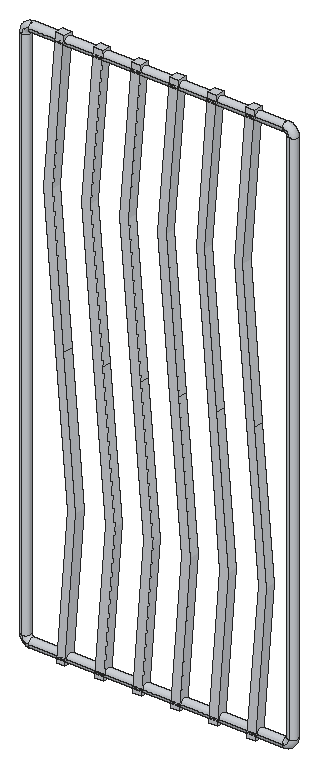
Revit family
Parameters (values of type "Waterfall Grille")
  Door Width = 0' - 8"
  Door Material = none
  Door Height = 1' - 4"
  Assembly Code = ""
Reference planes (in)
  plane 1 "Center (Front/Back)": y = 0
  plane 2: z = 0
  plane 3 "Center (Left/Right)": x = 0
  plane 4: x = -4
  plane 5: x = 4
  plane 6: z = 16
  plane 7: x = -3.75
  plane 8: x = 3.75
  plane 9: z = 15.75
  plane 10: z = 0.25
  plane 11: x = -2.67857
  plane 12: x = -1.60714
  plane 13: x = -0.53571
  plane 14: x = 0.53571
  plane 15: x = 1.60714
  plane 16: x = 2.67857
  plane 17: z = 8
  plane 18: y = 1.36487
  plane 19: y = -1.36487
  plane 20: y = -0.125
Forms (in)
  Sweep 1, solid, material <- "Door Material"
    path origin (0, 0, 0) x (1, 0, 0) y (0, 0, 1)
      loop
        arc (-3.5625, 15.75) -> (-3.69508, 15.69508) -> (-3.75, 15.5625) r 0.1875
        line (-3.75, 15.5625) -> (-3.75, 0.4375)
        arc (-3.75, 0.4375) -> (-3.69508, 0.30492) -> (-3.5625, 0.25) r 0.1875
        line (-3.5625, 0.25) -> (3.5625, 0.25)
        arc (3.5625, 0.25) -> (3.69508, 0.30492) -> (3.75, 0.4375) r 0.1875
        line (3.75, 0.4375) -> (3.75, 15.5625)
        arc (3.75, 15.5625) -> (3.69508, 15.69508) -> (3.5625, 15.75) r 0.1875
        line (3.5625, 15.75) -> (-3.5625, 15.75)
    profile origin (3.75, 0, 8) x (0, -1, 0) y (1, 0, 0)
      loop
        circle (0, 0) r 0.125
  Sweep 2, solid
    path origin (0, 0, 0) x (1, 0, 0) y (0, 0, 1)
      loop
        arc (-2.67857, 16) -> (-3.02407, 11.97142) -> (-2.68837, 7.942) r 24
        arc (-2.68837, 7.942) -> (-2.35267, 3.97141) -> (-2.67857, 0) r 24
        line (-2.67857, 0) -> (-2.67857, -2)
    profile origin (-2.67857, 0, -1) x (0, -1, 0) y (1, 0, 0)
      loop
        line (-0.12532, -0.1225) -> (0.12532, -0.1225) -> (0.12532, 0.1225) -> (-0.12532, 0.1225) -> (-0.12532, -0.1225)
  Extrusion 3, void
    sketch origin (0, 0, 0) x (1, 0, 0) y (0, 0, 1)
      loop
        line (-4, 17) -> (-4, 15.92) -> (4, 15.92) -> (4, 17) -> (-4, 17)
      loop
        line (-4, -2.5) -> (4, -2.5) -> (4, 0.07) -> (-4, 0.07) -> (-4, -2.5)
    from -1.36487 to 1.36487
  Sweep 4, solid
    path origin (1.07143, 0, 0) x (1, 0, 0) y (0, 0, 1)
      loop
        arc (-2.67857, 16) -> (-3.02407, 11.97142) -> (-2.68837, 7.942) r 24
        arc (-2.68837, 7.942) -> (-2.35267, 3.97141) -> (-2.67857, 0) r 24
        line (-2.67857, 0) -> (-2.67857, -2)
    profile origin (-1.60714, 0, -1) x (0, -1, 0) y (1, 0, 0)
      loop
        line (-0.12532, -0.1225) -> (0.12532, -0.1225) -> (0.12532, 0.1225) -> (-0.12532, 0.1225) -> (-0.12532, -0.1225)
  Sweep 5, solid
    path origin (2.14286, 0, 0) x (1, 0, 0) y (0, 0, 1)
      loop
        arc (-2.67857, 16) -> (-3.02407, 11.97142) -> (-2.68837, 7.942) r 24
        arc (-2.68837, 7.942) -> (-2.35267, 3.97141) -> (-2.67857, 0) r 24
        line (-2.67857, 0) -> (-2.67857, -2)
    profile origin (-0.53571, 0, -1) x (0, -1, 0) y (1, 0, 0)
      loop
        line (-0.12532, -0.1225) -> (0.12532, -0.1225) -> (0.12532, 0.1225) -> (-0.12532, 0.1225) -> (-0.12532, -0.1225)
  Sweep 6, solid
    path origin (3.21429, 0, 0) x (1, 0, 0) y (0, 0, 1)
      loop
        arc (-2.67857, 16) -> (-3.02407, 11.97142) -> (-2.68837, 7.942) r 24
        arc (-2.68837, 7.942) -> (-2.35267, 3.97141) -> (-2.67857, 0) r 24
        line (-2.67857, 0) -> (-2.67857, -2)
    profile origin (0.53571, 0, -1) x (0, -1, 0) y (1, 0, 0)
      loop
        line (-0.12532, -0.1225) -> (0.12532, -0.1225) -> (0.12532, 0.1225) -> (-0.12532, 0.1225) -> (-0.12532, -0.1225)
  Sweep 7, solid
    path origin (4.28571, 0, 0) x (1, 0, 0) y (0, 0, 1)
      loop
        arc (-2.67857, 16) -> (-3.02407, 11.97142) -> (-2.68837, 7.942) r 24
        arc (-2.68837, 7.942) -> (-2.35267, 3.97141) -> (-2.67857, 0) r 24
        line (-2.67857, 0) -> (-2.67857, -2)
    profile origin (1.60714, 0, -1) x (0, -1, 0) y (1, 0, 0)
      loop
        line (-0.12532, -0.1225) -> (0.12532, -0.1225) -> (0.12532, 0.1225) -> (-0.12532, 0.1225) -> (-0.12532, -0.1225)
  Sweep 8, solid
    path origin (5.35714, 0, 0) x (1, 0, 0) y (0, 0, 1)
      loop
        arc (-2.67857, 16) -> (-3.02407, 11.97142) -> (-2.68837, 7.942) r 24
        arc (-2.68837, 7.942) -> (-2.35267, 3.97141) -> (-2.67857, 0) r 24
        line (-2.67857, 0) -> (-2.67857, -2)
    profile origin (2.67857, 0, -1) x (0, -1, 0) y (1, 0, 0)
      loop
        line (-0.12532, -0.1225) -> (0.12532, -0.1225) -> (0.12532, 0.1225) -> (-0.12532, 0.1225) -> (-0.12532, -0.1225)
Cuts and joins
  Extrusion 3 cuts Sweep 1
  Extrusion 3 cuts Sweep 2
  Extrusion 3 cuts Sweep 4
  Extrusion 3 cuts Sweep 5
  Extrusion 3 cuts Sweep 6
  Extrusion 3 cuts Sweep 7
  Extrusion 3 cuts Sweep 8
Dimensions and locks (in)
  equal spacing: plane 4, plane 3 "Center (Left/Right)", plane 5
  "Door Width": plane 4 to plane 5
  "Door Height": plane 6 to plane 2
  plane 6 to plane 9 = 0' - 0 1/4"
  plane 7 to plane 4 = 0' - 0 1/4"
  plane 5 to plane 8 = 0' - 0 1/4"
  plane 10 to level = 0' - 0 1/4"
  equal spacing: plane 7, plane 11, plane 12, plane 13, plane 14, plane 15, plane 16, plane 8
  equal spacing: plane 9, plane 17, plane 10
  plane 6 to Extrusion 3 sketch curve = 0' - 0.08"
  Extrusion 3 sketch curve to plane 6 = 0' - 1"
  plane 2 to Extrusion 3 sketch curve = 0' - 2 1/2"
  equal spacing: plane 18, plane 1 "Center (Front/Back)", plane 19
  equal spacing: Sweep 2 sketch curve, profile plane, Sweep 2 sketch curve  (x2)
  equal spacing: Sweep 4 sketch curve, profile plane, Sweep 4 sketch curve  (x2)
  equal spacing: Sweep 5 sketch curve, profile plane, Sweep 5 sketch curve  (x2)
  equal spacing: Sweep 6 sketch curve, profile plane, Sweep 6 sketch curve  (x2)
  equal spacing: Sweep 7 sketch curve, profile plane, Sweep 7 sketch curve  (x2)
  equal spacing: Sweep 8 sketch curve, profile plane, Sweep 8 sketch curve  (x2)
  plane 20 to plane 1 "Center (Front/Back)" = 0' - 0 1/8"
  aligned and locked: Sweep 1 sketch curve to plane 9
  aligned and locked: Sweep 1 sketch curve to plane 8
  aligned and locked: plane 5 to Extrusion 3 sketch curve
  aligned and locked: Extrusion 3 sketch curve to plane 4
  aligned and locked: plane 4 to Extrusion 3 sketch curve
  aligned and locked: Extrusion 3 sketch curve to plane 5
  aligned and locked: plane 18 to Extrusion 3
  aligned and locked: Extrusion 3 to plane 19
Automatic sketch dimensions
  Sweep 1 sketch curve to plane 7 = 0' - 0"
  Sweep 1 sketch curve to plane 10 = 0' - 0"
  plane 7 to Sweep 1 sketch curve = 0' - 0 3/16"  (x2)
  Sweep 1 sketch curve to plane 8 = 0' - 0 3/16"  (x2)
  plane 1 "Center (Front/Back)" to Sweep 1 sketch curve = 0' - 0"
  Sweep 1 sketch curve to profile plane = 0' - 0"
  Sweep 2 sketch curve to plane 6 = 0' - 0"
  Sweep 2 sketch curve to plane 11 = 0' - 0"  (x2)
  Sweep 2 sketch curve to level = 0' - 0"
  Sweep 2 sketch curve to plane 11 = 0' - 0.0098"
  Sweep 2 sketch curve to Sweep 2 sketch curve = 0' - 0"
  plane 10 to Sweep 2 sketch curve = 0' - 3.69179"
  Sweep 2 sketch curve to plane 4 = 1' - 10.35266"
  Sweep 2 sketch curve to level = 0' - 2"
  Sweep 2 sketch curve to plane 1 "Center (Front/Back)" = 0' - 0.12532"
  profile plane to Sweep 2 sketch curve = 0' - 0.1225"
  Sweep 4 sketch curve to plane 6 = 0' - 0"
  Sweep 4 sketch curve to plane 12 = 0' - 0"  (x2)
  Sweep 4 sketch curve to level = 0' - 0"
  Sweep 4 sketch curve to plane 12 = 0' - 0.0098"
  Sweep 4 sketch curve to Sweep 4 sketch curve = 0' - 0"
  plane 10 to Sweep 4 sketch curve = 0' - 3.69179"
  Sweep 4 sketch curve to plane 4 = 1' - 9.28123"
  Sweep 4 sketch curve to level = 0' - 2"
  Sweep 4 sketch curve to plane 1 "Center (Front/Back)" = 0' - 0.12532"
  profile plane to Sweep 4 sketch curve = 0' - 0.1225"
  Sweep 5 sketch curve to plane 6 = 0' - 0"
  Sweep 5 sketch curve to plane 13 = 0' - 0"  (x2)
  Sweep 5 sketch curve to level = 0' - 0"
  Sweep 5 sketch curve to plane 13 = 0' - 0.0098"
  Sweep 5 sketch curve to Sweep 5 sketch curve = 0' - 0"
  plane 10 to Sweep 5 sketch curve = 0' - 3.69179"
  Sweep 5 sketch curve to plane 4 = 1' - 8.2098"
  Sweep 5 sketch curve to level = 0' - 2"
  Sweep 5 sketch curve to plane 1 "Center (Front/Back)" = 0' - 0.12532"
  profile plane to Sweep 5 sketch curve = 0' - 0.1225"
  Sweep 6 sketch curve to plane 6 = 0' - 0"
  Sweep 6 sketch curve to plane 14 = 0' - 0"  (x2)
  Sweep 6 sketch curve to level = 0' - 0"
  Sweep 6 sketch curve to plane 14 = 0' - 0.0098"
  Sweep 6 sketch curve to Sweep 6 sketch curve = 0' - 0"
  plane 10 to Sweep 6 sketch curve = 0' - 3.69179"
  Sweep 6 sketch curve to plane 4 = 1' - 7.13837"
  Sweep 6 sketch curve to level = 0' - 2"
  Sweep 6 sketch curve to plane 1 "Center (Front/Back)" = 0' - 0.12532"
  profile plane to Sweep 6 sketch curve = 0' - 0.1225"
  Sweep 7 sketch curve to plane 6 = 0' - 0"
  Sweep 7 sketch curve to plane 15 = 0' - 0"  (x2)
  Sweep 7 sketch curve to level = 0' - 0"
  Sweep 7 sketch curve to plane 15 = 0' - 0.0098"
  Sweep 7 sketch curve to Sweep 7 sketch curve = 0' - 0"
  plane 10 to Sweep 7 sketch curve = 0' - 3.69179"
  Sweep 7 sketch curve to plane 4 = 1' - 6.06694"
  Sweep 7 sketch curve to level = 0' - 2"
  Sweep 7 sketch curve to plane 1 "Center (Front/Back)" = 0' - 0.12532"
  profile plane to Sweep 7 sketch curve = 0' - 0.1225"
  Sweep 8 sketch curve to plane 6 = 0' - 0"
  plane 16 to Sweep 8 sketch curve = 0' - 0"  (x2)
  Sweep 8 sketch curve to level = 0' - 0"
  plane 16 to Sweep 8 sketch curve = 0' - 0.0098"
  Sweep 8 sketch curve to Sweep 8 sketch curve = 0' - 0"
  plane 10 to Sweep 8 sketch curve = 0' - 3.69179"
  Sweep 8 sketch curve to plane 4 = 1' - 4.99551"
  Sweep 8 sketch curve to level = 0' - 2"
  Sweep 8 sketch curve to plane 1 "Center (Front/Back)" = 0' - 0.12532"
  profile plane to Sweep 8 sketch curve = 0' - 0.1225"
  level to Extrusion 3 sketch curve = 0' - 0.07"
  radius of Sweep 1 sketch curve = 0' - 0 1/8"
